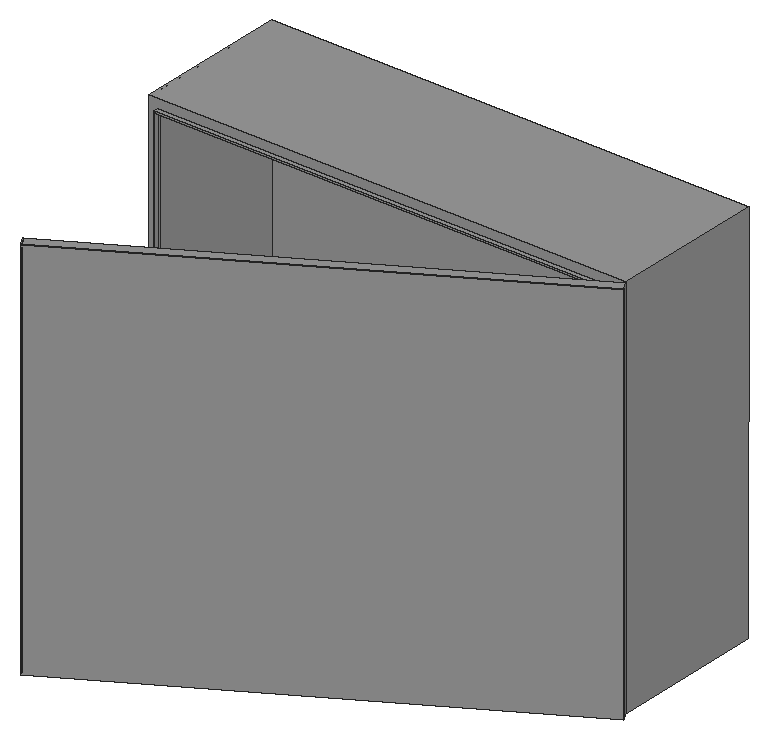
Revit family "Hager-Univers-IP55-D275-H650-Cl.II-Steel_encl-NoHosted-PL-en", category Equipement électrique, Revit 2020
Family settings
  Configuration du panneau = Deux colonnes, circuits au sein
  Cote de connecteur circulaire = Utiliser le diamètre
  Type d'élément = Tableau de raccordement
  Basée sur le plan de construction = Oui
  Toujours verticalement = Oui
  Couper avec des vides une fois chargée = Non
  Partagée = Non
  Point de calcul de pièce = Non
Parameters (values of type "Surface mounted (plaster) IP55 W800 H650 D275  - FR43S")
  Width Control [instance] = if([EF000008 - Width] > Min Width, [EF000008 - Width], Min Width)  # 800 mm
  Commentaires du type = [HG000003 - Range]  # "Univers"
  Thickness Door [instance] = if([EF009171 - Material plate thickness door/cover] > 3 mm, 3 mm, [EF009171 - Material plate thickness door/cover])  # 1.5 mm
  Seal Frame Offset [instance] = 17 mm  # constant formula
  Plinth Visibility [instance] = [HG000027 - Plinth height] > 0 mm  # no
  Min Width [instance] = 100 mm  # constant formula
  Min Depth [instance] = (2 * [EF009170 - Material plate thickness cabinet]) + 1 mm  # 4 mm
  Min Height [instance] = 100 mm  # constant formula
  Internal Frame Depth [instance] = (Door System Depth * 0.5)  # 9 mm
  Panel Name [instance] = ""  # (empty or 0)
  Model = ""
  HG000027 - Plinth height = 0 mm
  HG000026 - Floor standing = no
  HG000024 - Bottom section height = 600 mm
  HG000023 - Double section enclosure = no
  HG000016 - Door 3d visibility [instance] = yes
  HG000015 - Clearance visibility [instance] = no
  HG000014 - Door on the right [instance] = yes
  HG000013 - Door on the left [instance] = not([HG000014 - Door on the right])  # no
  HG000012 - Door swing angle [instance] = 30.00°
  HG000010 - Asymmetric doors = no
  HG000009 - Double swing door = no
  HG000006 - Flush mounted = no
  HG000004 - Manufacturer reference = "FR43S"
  HG000003 - Range = "Univers"
  HG000002 - With door or cover = yes
  Frame Offset Bottom [instance] = 10 mm  # constant formula
  Frame Offset [instance] = 15 mm  # constant formula
  EF015940 - Cover with overpressure release = no
  EF011959 - Degree of protection (NEMA) = ""
  EF009554 - Number of openings for flange plates = 6
  EF009212 - Cover model = "EV000116 - Closed"
  EF009171 - Material plate thickness door/cover = 1.5 mm
  EF009170 - Material plate thickness cabinet = 1.5 mm
  EF008873 - Nominal current (In) = 800 A
  EF007800 - Suitable for lightning protection = no
  EF006306 - With lock = no
  EF006244 - Transparent cover/door = no
  EF005474 - Degree of protection (IP) = "EV006420 - IP55"
  EF004464 - Type of door = "EV002646 - Single"
  EF004427 - Number of modules = 144
  EF004293 - Impact strength = "EV008784 - IK10"
  EF003532 - Suitable for outdoor use = no
  EF002950 - Width in number of modular spacings = 24
  EF001613 - Circuit integrity = "EV000494 - None"
  EF001596 - Material housing = "EV000179 - Steel"
  EF001131 - Internal depth = 275 mm
  EF001088 - Extension possible = yes
  EF000437 - Number of conduit inlets = 6
  EF000339 - Type of cover = "EV004216 - Door"
  EF000266 - Number of rows = 4
  EF000218 - Built-in depth = 0 mm
  EF000118 - With mounting plate = no
  EF000116 - RAL-number = "7035"
  EF000049 - Depth = 275 mm
  EF000040 - Height = 650 mm
  EF000008 - Width = 800 mm
  EF000007 - Colour = "EV000270 - Grey"
  EF000003 - Mounting method = "EV000384 - Surface mounted (plaster)"
  Door System Leaf Tolerance [instance] = 1.5 mm  # constant formula
  Door System Depth [instance] = 18 mm  # constant formula
  Door Height [instance] = Height Control - [HG000027 - Plinth height]  # 650 mm
  Description = ""
  Default Elevation = 1219.2 mm
  Connector Offset [instance] = Height Control / 2  # 325 mm
  Fabricant = "Hager"  # constant formula
  Height Control [instance] = if([EF000040 - Height] > Min Height, [EF000040 - Height], Min Height)  # 650 mm
  Depth Control [instance] = if([EF000049 - Depth] > Min Depth, [EF000049 - Depth], Min Depth)  # 275 mm
  Bottom Top Plate Trim [instance] = 1.5 mm  # constant formula
  Plinth height Ctrl [instance] = if([HG000027 - Plinth height] > 0 mm, [HG000027 - Plinth height], 12 mm)  # 12 mm
Types (5, lengths in mm): name | Width Control | HG000010 - Asymmetric doors | HG000009 - Double swing door | HG000004 - Manufacturer reference | EF009554 - Number of openings for flange plates | EF004464 - Type of door | EF004427 - Number of modules | EF000437 - Number of conduit inlets | EF000008 - Width
  Surface mounted (plaster) IP55 W1050 H650 D275  - FR44S | 1050 | no | yes | "FR44S" | 8 | "EV003602 - Double" | 192 | 8 | 1050
  Surface mounted (plaster) IP55 W1300 H650 D275  - FR45S | 1300 | yes | yes | "FR45S" | 10 | "EV003602 - Double" | 240 | 10 | 1300
  Surface mounted (plaster) IP55 W300 H650 D275  - FR41S | 300 | no | no | "FR41S" | 2 | "EV002646 - Single" | 48 | 2 | 300
  Surface mounted (plaster) IP55 W550 H650 D275  - FR42S | 550 | no | no | "FR42S" | 4 | "EV002646 - Single" | 96 | 4 | 550
  Surface mounted (plaster) IP55 W800 H650 D275  - FR43S | 800 | no | no | "FR43S" | 6 | "EV002646 - Single" | 144 | 6 | 800
Reference planes
  plane 1 "Center (Front/Back)": y = 0
  plane 2: z = 0
  plane 3 "Center (Left/Right)": x = 0
  plane 4: y = 0
  plane 5: y = 0
  plane 6: z = 0
  plane 7: x = -400
  plane 8: x = 400
  plane 9: x = 398.5
  plane 10: x = -398.5
  plane 11: z = 0
  plane 12: z = 1.5
  plane 13: y = -275
  plane 14: y = -1.5
  plane 15: x = 0
  plane 16: y = -257
  plane 17: y = -273.5
  plane 18: y = -255.5
  plane 19: x = -383.5
  plane 20: x = 383.5
  plane 21: z = 11.5
  plane 22: x = -383
  plane 23: x = 383
  plane 24: z = 0
  plane 25: z = 650
  plane 26: z = 650
  plane 27: z = 633.5
  plane 28: z = 648.5
Forms (mm)
  Extrusion 1, solid, material "Hager_Steel_RAL7035_Light_Grey", detail levels medium+fine
    sketch origin (-208.679, -4572, 0) x (-1, 0, 0) y (0, -1, 0)
      loop
        line (191.321, -4315) -> (-608.679, -4315) -> (-608.679, -4572) -> (191.321, -4572) -> (191.321, -4315)
    from 0 to 650
  Extrusion 2, void
    sketch origin (-350.771, -275, 1219.2) x (1, 0, 0) y (0, 0, 1)
      loop
        line (-47.729, -570.7) -> (-47.729, -1217.7) -> (749.271, -1217.7) -> (749.271, -570.7) -> (-47.729, -570.7)
    from -19.5 to -273.5
  Extrusion 3, void
    sketch origin (-290.084, -257, 1219.2) x (1, 0, 0) y (0, 0, 1)
      loop
        line (-93.416, -1207.7) -> (673.584, -1207.7) -> (673.584, -585.7) -> (-93.416, -585.7) -> (-93.416, -1207.7)
    from 0 to -1.5
  Extrusion 4, solid, material "Hager_Steel_RAL7035_Light_Grey", visible <- "Plinth Visibility", detail levels medium+fine
    sketch origin (0, 0, 0) x (1, 0, 0) y (0, 1, 0)
      loop
        line (-400, 0) -> (-400, -257) -> (400, -257) -> (400, 0) -> (-400, 0)
    from 0 to 12 <- "Plinth height Ctrl"
  Extrusion 5, solid, material "Hager_Steel_RAL7035_Light_Grey", detail levels coarse
    sketch origin (0, 0, 0) x (1, 0, 0) y (0, 1, 0)
      loop
        line (-400, 0) -> (-400, -275) -> (400, -275) -> (400, 0) -> (-400, 0)
    from 0 to 650 <- "Height Control"
  Sweep 6, void
    path in 3D
      loop
        line (-400, -257, 12) -> (400, -257, 12) -> (400, 0, 12) -> (-400, 0, 12) -> (-400, -257, 12)
    profile origin (-400, -128.5, 12) x (1, 0, 0) y (0, 0, 1)
      loop
        line (0, 0) -> (0, -1.5) -> (1.5, -1.5)
        arc (1.5, -1.5) -> (1.061, -0.439) -> (0, 0) r 1.5
  Extrusion 7, solid, material "Hager_Steel_RAL7035_Light_Grey", detail levels fine
    sketch origin (-400, -257, 0) x (1, 0, 0) y (0, 0, 1)
      loop
        line (16.5, 11.5) -> (783.5, 11.5) -> (783.5, 633.5) -> (16.5, 633.5) -> (16.5, 11.5)
      loop
        line (15, 10) -> (785, 10) -> (785, 635) -> (15, 635) -> (15, 10)
    from 0 to 9 <- "Internal Frame Depth"
Cuts and joins
  Extrusion 2, Extrusion 3 cuts Extrusion 1
  Sweep 6 cuts Extrusion 4
Lines and regions (mm)
  Masking region 1
    outline origin (0, 0, 0) x (1, 0, 0) y (0, 1, 0)
      loop
        line (-400, 0) -> (-400, -275) -> (400, -275) -> (400, 0) -> (-400, 0)
  Masking region 2, detail levels coarse
    outline origin (-290.084, -257, 1219.2) x (-1, 0, 0) y (0, 0, 1)
      loop
        line (-690.084, -1219.2) -> (109.916, -1219.2) -> (109.916, -569.2) -> (-690.084, -569.2) -> (-690.084, -1219.2)
  Masking region 3, detail levels coarse
    outline origin (0, 0, 0) x (0, 1, 0) y (0, 0, 1)
      loop
        line (0, 0) -> (0, 650) -> (-275, 650) -> (-275, 0) -> (0, 0)
  Masking region 4, visible <- "Plinth Visibility", detail levels medium+fine
    outline origin (0, 0, 0) x (0, 1, 0) y (0, 0, 1)
      loop
        line (-1.5, 12) -> (-255.5, 12)
        arc (-255.5, 12) -> (-255.939, 10.939) -> (-257, 10.5) r 1.5
        line (-257, 10.5) -> (-257, 0) -> (0, 0) -> (0, 10.5)
        arc (0, 10.5) -> (-1.061, 10.939) -> (-1.5, 12) r 1.5
  Masking region 5, detail levels medium+fine
    outline origin (0, 0, 594.038) x (0, 1, 0) y (0, 0, 1)
      loop
        line (0, -594.038) -> (0, 55.962) -> (-257, 55.962) -> (-257, -594.038) -> (0, -594.038)
  Masking region 6, detail levels medium+fine
    outline origin (-359.7, -257, 1211.883) x (-1, 0, 0) y (0, 0, 1)
      loop
        line (-759.7, -1211.883) -> (40.3, -1211.883) -> (40.3, -561.883) -> (-759.7, -561.883) -> (-759.7, -1211.883)
  Masking region 7, visible <- "Plinth Visibility", detail levels medium+fine
    outline origin (-320.334, -257, 1041.368) x (-1, 0, 0) y (0, 0, 1)
      loop
        line (-720.334, -1041.368) -> (79.666, -1041.368) -> (79.666, -1030.868)
        arc (79.666, -1030.868) -> (78.606, -1030.429) -> (78.166, -1029.368) r 1.5
        line (78.166, -1029.368) -> (-718.834, -1029.368)
        arc (-718.834, -1029.368) -> (-719.273, -1030.429) -> (-720.334, -1030.868) r 1.5
        line (-720.334, -1030.868) -> (-720.334, -1041.368)
  sketch lines
    curve 1: line (-400, 0, 12) -> (-400, -257, 12)
    curve 2: line (-400, -257, 12) -> (400, -257, 12)
    curve 3: line (400, 0, 12) -> (-400, 0, 12)
    curve 4: line (400, -257, 12) -> (400, 0, 12)
Dimensions and locks
  locked: plane 1 "Center (Front/Back)" to plane 5
  "EF009170 - Material plate thickness cabinet": plane 7 to plane 10
  "EF009170 - Material plate thickness cabinet": plane 8 to plane 9
  equal spacing: plane 7, plane 3 "Center (Left/Right)", plane 8
  "Width Control": plane 7 to plane 8
  "Depth Control": plane 4 to plane 13
  "EF009170 - Material plate thickness cabinet": plane 4 to plane 14
  "Height Control": plane 25 to level
  "HG000027 - Plinth height": plane 11 to level
  "EF009170 - Material plate thickness cabinet": plane 12 to plane 11
  "EF009170 - Material plate thickness cabinet": plane 17 to plane 13
  "EF009170 - Material plate thickness cabinet": plane 18 to plane 16
  "Frame Offset Bottom": plane 21 to plane 12
  "Frame Offset": plane 10 to plane 19
  "Frame Offset": plane 9 to plane 20
  "Door System Depth": plane 16 to plane 13
  "Seal Frame Offset": plane 7 to plane 22
  "Seal Frame Offset": plane 8 to plane 23
  "EF009170 - Material plate thickness cabinet": plane 26 to plane 28
  "Frame Offset": plane 28 to plane 27
  "Connector Offset": plane 2 to connector elem
  "Bottom Top Plate Trim": profile plane to Sweep 6 sketch curve
  "Bottom Top Plate Trim": Sweep 6 sketch curve to Sweep 6 sketch curve
  "Plinth height Ctrl": Masking region 4 sketch curve to level
  "Plinth height Ctrl": Masking region 7 sketch curve to level
  "Thickness Door": Extrusion 7 sketch curve to Extrusion 7 sketch curve  (x4)
  "Bottom Top Plate Trim": radius of Sweep 6 sketch curve
  "Bottom Top Plate Trim": radius of Masking region 4 sketch curve  (x2)
  "Bottom Top Plate Trim": radius of Masking region 7 sketch curve  (x2)
  aligned and locked: Extrusion 2 sketch curve to plane 12
  aligned and locked: Extrusion 2 sketch curve to plane 9
  aligned and locked: Extrusion 2 sketch curve to plane 10
  aligned and locked: Extrusion 2 to plane 14
  aligned and locked: Extrusion 1 sketch curve to plane 4
  aligned and locked: plane 8 to Extrusion 1 sketch curve
  aligned and locked: plane 7 to Extrusion 1 sketch curve
  aligned and locked: Extrusion 2 to plane 18
  aligned and locked: Extrusion 3 sketch curve to plane 19
  aligned and locked: plane 20 to Extrusion 3 sketch curve
  aligned and locked: Extrusion 3 to Extrusion 2
  aligned and locked: Extrusion 3 sketch curve to plane 21
  aligned and locked: plane 3 "Center (Left/Right)" to nested 1
  aligned and locked: Extrusion 1 sketch curve to plane 16
  aligned and locked: Extrusion 4 sketch curve to cut or joined group of Extrusion 1, Extrusion 2, Extrusion 3
  aligned and locked: Masking region 1 sketch curve to plane 7
  aligned and locked: Masking region 1 sketch curve to plane 5
  aligned and locked: Masking region 1 sketch curve to plane 8
  aligned and locked: Masking region 2 sketch curve to level
  aligned and locked: level to Masking region 3 sketch curve
  aligned and locked: plane 1 "Center (Front/Back)" to Masking region 3 sketch curve
  aligned and locked: plane 13 to Masking region 3 sketch curve
  aligned and locked: plane 5 to Masking region 4 sketch curve
  aligned and locked: Masking region 2 sketch curve to plane 8
  aligned and locked: Masking region 2 sketch curve to plane 7
  aligned and locked: plane 7 to nested 2
  aligned and locked: nested 2 to plane 5
  aligned and locked: plane 5 to Masking region 5 sketch curve
  aligned and locked: plane 26 to Masking region 5 sketch curve
  aligned and locked: Extrusion 5 sketch curve to plane 8
  aligned and locked: Extrusion 5 sketch curve to plane 7
  aligned and locked: Extrusion 5 sketch curve to plane 5
  aligned and locked: Extrusion 3 sketch curve to plane 27
  aligned and locked: Extrusion 2 sketch curve to plane 28
  aligned and locked: Masking region 2 to plane 25
  aligned and locked: Extrusion 4 to plane 16
  aligned and locked: profile plane to Sweep 6 sketch curve
  aligned and locked: Masking region 5 sketch curve to plane 24
  aligned and locked: level to Masking region 4 sketch curve
  aligned and locked: Masking region 1 to plane 13
  aligned and locked: nested 1 to plane 16
  aligned and locked: Masking region 3 to plane 25
  aligned and locked: plane 16 to Masking region 4 sketch curve
  aligned and locked: Masking region 5 sketch curve to plane 16
  aligned and locked: plane 24 to plane 11
  aligned and locked: plane 26 to plane 25
  aligned and locked: plane 26 to cut or joined group of Extrusion 1, Extrusion 2, Extrusion 3
  aligned and locked: nested 1 to plane 24
  aligned and locked: Extrusion 1 to Extrusion 3
  aligned and locked: Masking region 6 sketch curve to plane 8
  aligned and locked: Masking region 6 sketch curve to plane 24
  aligned and locked: Masking region 6 sketch curve to plane 7
  aligned and locked: Masking region 6 sketch curve to plane 26
  aligned and locked: Masking region 7 sketch curve to plane 7
  aligned and locked: level to Masking region 7 sketch curve
  aligned and locked: Masking region 7 sketch curve to plane 8
  aligned and locked: Extrusion 7 sketch curve to cut or joined group of Extrusion 1, Extrusion 2, Extrusion 3  (x4)
Automatic sketch dimensions
  plane 19 to Extrusion 3 sketch curve = 0 mm
  Extrusion 3 sketch curve to plane 20 = 0 mm
  Extrusion 3 sketch curve to plane 21 = 0 mm
  Extrusion 4 sketch curve to plane 7 = 0 mm
  Extrusion 4 sketch curve to plane 8 = 0 mm
  Extrusion 4 sketch curve to plane 16 = 0 mm
  Masking region 1 sketch curve to plane 13 = 0 mm
  Masking region 2 sketch curve to plane 25 = 0 mm
  Masking region 3 sketch curve to plane 25 = 0 mm
  Extrusion 5 sketch curve to plane 13 = 0 mm
  profile plane to Sweep 6 sketch curve = 0 mm
Nested families
  nested 1: "EC000058_Univers_Door" at (0, -257, 0), Double <- "HG000009 - Double swing door", Transparent <- "EF006244 - Transparent cover/door", Angle <- "HG000012 - Door swing angle", Door_Right <- "HG000014 - Door on the right", Assymetrical <- "HG000010 - Asymmetric doors", Door <- "HG000002 - With door or cover", Width_Ctrl <- "Width Control", 3d_Door <- "HG000016 - Door 3d visibility", Clearance <- "HG000015 - Clearance visibility", Door_Left <- "HG000013 - Door on the left", Width <- "Width Control", Door_Depth <- "Door System Depth", Leaf_Tolerance <- "Door System Leaf Tolerance", Height <- "Door Height", Lock_Visibility <- "EF006306 - With lock", Thickness <- "Thickness Door", type "EC000058_Univers_Door", detail levels medium+fine
    with min_wh 4 mm, Width_Ctrl 800 mm, Width 800 mm, Transparent no, Thickness 1.5 mm, Seal_Material Hager_Rubber, Lock_Visibility no, Lock_Material Hager_Plastic_RAL9005_Jet_Black, Leaf_Width 800 mm, Leaf_Tolerance_External_Sides 0 mm, Leaf_Tolerance 1.5 mm, Leaf_Offset 0 mm, Leaf_Height 647 mm, Leaf_2_Width 800 mm, Leaf_2_Offset 400 mm, Leaf_1_Width 800 mm, Leaf_1_Offset 400 mm, Height_Ctrl 650 mm, Height 650 mm, Glass_Material Hager_Glass, Double_Clearance_Ctrl no, Double no, Door_Right_Ctrl yes, Door_Right yes, Door_Material Hager_Steel_RAL7035_Light_Grey, Door_Left_Ctrl no, Door_Left no, Door_Depth 18 mm, Door yes, Clearance_Material Hager_Clearance, Clearance_Depth 800 mm, Clearance_Ctrl no, Clearance no, Assymetrical no, Angle 30.00°, 3d_Door yes
  nested 2: "Hager_Enclosure_Symbol" at (-400, 0, 0), Height <- "Depth Control", Width <- "Width Control", type "Hager_Enclosure_Symbol"
    with Width_Ctrl 800 mm, Width 800 mm, Height_Ctrl 275 mm, Height 275 mm, A_Width_Int 18.047 mm, A_Width 216.562 mm, A_Height_Ctrl 240.625 mm, A_Height 240.625 mm
Connectors
  electrical at (0, 0, 325)
    settings: on plane 1 "Center (Front/Back)", index 1, voltage 0 V, apparent load 0 VA, apparent load phase1 0 VA, apparent load phase2 0 VA, apparent load phase3 0 VA, power factor 1, load classification "Other", number of poles 1, system type 30, power factor state 1, is connector primary yes, connector utility no, sub classification motor no, connector description ""
Definition of nested family "EC000058_Univers_Door"
  Parameters (values of type "EC000058_Univers_Door")
    min_wh [instance] = (2 * Thickness) + 1 mm  # 11 mm
    Width_Ctrl [instance] = 400 mm
    Width [instance] = 500 mm
    Transparent [instance] = yes
    Thickness [instance] = 5 mm
    Seal_Material [instance] = none
    Lock_Visibility [instance] = yes
    Lock_Material [instance] = none
    Leaf_Width [instance] = if((Width_Ctrl - 2 * Leaf_Tolerance_External_Sides) > 0 mm, (Width_Ctrl - 2 * Leaf_Tolerance_External_Sides), min_wh)  # 400 mm
    Leaf_Tolerance_External_Sides [instance] = 0 mm  # constant formula
    Leaf_Tolerance [instance] = 1.5 mm
    Leaf_Offset [instance] = 0 mm  # constant formula
    Leaf_Height [instance] = if((Height_Ctrl - 2 * Leaf_Tolerance) > 0 mm, (Height_Ctrl - 2 * Leaf_Tolerance), min_wh)  # 497 mm
    Leaf_2_Width [instance] = if(and(and(Double, Assymetrical), Door_Left), (Leaf_Width / 3) - (Leaf_Tolerance / 2), if(and(and(Double, Assymetrical), Door_Right), (Leaf_Width / 3) * 2 - (Leaf_Tolerance / 2), if(and(Double, not(Assymetrical)), (Leaf_Width / 2) - Leaf_Tolerance, Leaf_Width)))  # 400 mm
    Leaf_2_Offset [instance] = if(and(Double, Assymetrical), Leaf_2_Width / 2, if(and(Double, not(Assymetrical)), Leaf_Width / 4, Leaf_Width / 2))  # 200 mm
    Leaf_1_Width [instance] = if(and(and(Double, Assymetrical), Door_Right), (Leaf_Width / 3) - (Leaf_Tolerance / 2), if(and(and(Double, Assymetrical), Door_Left), (Width / 3) * 2 - (Leaf_Tolerance / 2), if(and(Double, not(Assymetrical)), (Leaf_Width / 2) - Leaf_Tolerance, Leaf_Width)))  # 400 mm
    Leaf_1_Offset [instance] = if(and(Double, Assymetrical), Leaf_1_Width / 2, if(and(Double, not(Assymetrical)), Leaf_Width / 4, Leaf_Width / 2))  # 200 mm
    Height_Ctrl [instance] = if(Height > min_wh, Height, min_wh)  # 500 mm
    Height [instance] = 500 mm
    Glass_Material [instance] = none
    Double_Clearance_Ctrl [instance] = and(Double, Clearance)  # no
    Double [instance] = no
    Door_Right_Ctrl [instance] = and(or(Door_Right, Double), Door)  # yes
    Door_Right [instance] = yes
    Door_Material [instance] = none
    Door_Left_Ctrl [instance] = and(or(Door_Left, Double), Door)  # no
    Door_Left [instance] = no
    Door_Depth [instance] = 30 mm
    Door [instance] = yes
    Default Elevation = 1219.2 mm
    Clearance_Material [instance] = none
    Clearance_Depth [instance] = if(Leaf_1_Width > Leaf_2_Width, Leaf_1_Width, Leaf_2_Width)  # 400 mm
    Clearance_Ctrl [instance] = and(not(Double), Clearance)  # yes
    Clearance [instance] = yes
    Assymetrical [instance] = yes
    Angle [instance] = 30.00°
    3d_Door [instance] = yes
  Reference planes
    plane 1 "Center (Front/Back)": y = 0
    plane 2 "Bottom": z = 0
    plane 3 "Center (Left/Right)": x = 0
    plane 4: z = 500
    plane 5: x = -200
    plane 6: x = 200
    plane 7: z = 500
    plane 8: x = -200
    plane 9: z = 0
    plane 10: x = 200
    plane 11: y = 0
    plane 12: z = 1.5
    plane 13: x = -600
    plane 14: y = -400
    plane 15: x = 600
    plane 16: x = 0
    plane 17: x = 0
    plane 18: x = -200
    plane 19: x = 200
    plane 20: z = 498.5
  Forms (mm)
    Extrusion 1, solid, material <- "Clearance_Material", visible <- "Double_Clearance_Ctrl"
      sketch origin (1200, 0, 0) x (1, 0, 0) y (0, 0, -1)
        loop
          line (-1800, -498.5) -> (-600, -498.5) -> (-600, 0) -> (-1800, 0) -> (-1800, -498.5)
      from 0 to -400
  Dimensions and locks
    equal spacing: plane 5, plane 3 "Center (Left/Right)", plane 6
    "Width_Ctrl": plane 5 to plane 6
    "Leaf_Offset": plane 5 to plane 8
    "Leaf_Offset": plane 6 to plane 10
    "Leaf_Offset": plane 9 to level
    "Leaf_Offset": plane 4 to plane 7
    "Height_Ctrl": plane 4 to level
    "Leaf_Tolerance": plane 12 to plane 9
    locked: plane 11 to plane 1 "Center (Front/Back)"
    "Leaf_1_Offset": plane 18 to plane 16
    "Leaf_2_Offset": plane 17 to plane 19
    "Leaf_1_Width": plane 13 to plane 8
    "Leaf_2_Width": plane 10 to plane 15
    "Clearance_Depth": plane 14 to plane 1 "Center (Front/Back)"
    "Leaf_Tolerance_External_Sides": plane 8 to plane 18
    "Leaf_Tolerance_External_Sides": plane 19 to plane 10
    "Leaf_Tolerance": plane 7 to plane 20
    aligned and locked: level to plane 2 "Bottom"
    aligned and locked: nested 1 to plane 16
    aligned and locked: nested 2 to plane 17
    aligned and locked: Extrusion 1 to plane 13
    aligned and locked: plane 15 to Extrusion 1
    aligned and locked: Extrusion 1 to plane 14
    aligned and locked: plane 12 to nested 1
    aligned and locked: nested 2 to plane 12
    aligned and locked: Extrusion 1 to plane 11
    aligned and locked: plane 20 to Extrusion 1
    aligned and locked: nested 2 to plane 11
    aligned and locked: nested 1 to plane 11
  Automatic sketch dimensions
    Extrusion 1 sketch curve to level = 0 mm
    plane 5 to Extrusion 1 sketch curve = 400 mm
    plane 6 to Extrusion 1 sketch curve = 400 mm
    Extrusion 1 sketch curve to plane 4 = 1.5 mm
  Nested families
    nested 1: "EC000058_Univers_Door_Leaf" at (0, 0, 1.5), Width <- "Leaf_1_Width", visible <- "Door_Left_Ctrl", Leaf_Height <- "Leaf_Height", Angle <- "Angle", 3d_Door <- "3d_Door", Transparent <- "Transparent", Clearance Material <- "Clearance_Material", Clearance <- "Clearance_Ctrl", Door_Material <- "Door_Material", Glass_Material <- "Glass_Material", Door_Depth <- "Door_Depth", Lock_Material <- "Lock_Material", Seal_Material <- "Seal_Material", Lock_Visibility <- "Lock_Visibility", Thickness <- "Thickness", type "EC000058_Univers_Door_Leaf"
      with Width 400 mm, Transparent_Glass_Offset 30 mm, Transparent_Ctrl yes, Transparent yes, Thickness 5 mm, Standard no, Seal_Material none, Seal_D2 8 mm, Seal_D1 1 mm, Offset_Internal_Frame 10 mm, Lock_Width 20 mm, Lock_Visibility_3d yes, Lock_Visibility yes, Lock_Thickness_3 3 mm, Lock_Thickness_2 1 mm, Lock_Thickness_1 3 mm, Lock_Radius_Offset_2 16 mm, Lock_Radius_Offset_1 15 mm, Lock_Radius_2 5 mm, Lock_Radius 6 mm, Lock_Offset 5 mm, Lock_Material none, Lock_Height 80 mm, Lock_Cover_Top_Offset_2d 17 mm, Lock_Cover_Height -65 mm, Leaf_Height 497 mm, Internal_Seal_Thickness 8 mm, Internal_Seal_Depth_2 4.5 mm, Internal_Frame_Depth 25 mm, Glass_Thickness -1 mm, Glass_Offset -2 mm, Glass_Material none, Door_Material none, Door_Depth 30 mm, Clearance Material none, Clearance yes, Angle_Ctrl 30.00°, Angle 30.00°, 3d_Door yes
    nested 2: "EC000058_Univers_Door_Leaf" at (0, 0, 1.5) x (-1, 0, 0) z (0, 0, 1), Width <- "Leaf_2_Width", visible <- "Door_Right_Ctrl", Leaf_Height <- "Leaf_Height", Angle <- "Angle", 3d_Door <- "3d_Door", Transparent <- "Transparent", Clearance Material <- "Clearance_Material", Clearance <- "Clearance_Ctrl", Door_Material <- "Door_Material", Glass_Material <- "Glass_Material", Door_Depth <- "Door_Depth", Lock_Material <- "Lock_Material", Seal_Material <- "Seal_Material", Lock_Visibility <- "Lock_Visibility", Thickness <- "Thickness", type "EC000058_Univers_Door_Leaf"
      with Width 400 mm, Transparent_Glass_Offset 30 mm, Transparent_Ctrl yes, Transparent yes, Thickness 5 mm, Standard no, Seal_Material none, Seal_D2 8 mm, Seal_D1 1 mm, Offset_Internal_Frame 10 mm, Lock_Width 20 mm, Lock_Visibility_3d yes, Lock_Visibility yes, Lock_Thickness_3 3 mm, Lock_Thickness_2 1 mm, Lock_Thickness_1 3 mm, Lock_Radius_Offset_2 16 mm, Lock_Radius_Offset_1 15 mm, Lock_Radius_2 5 mm, Lock_Radius 6 mm, Lock_Offset 5 mm, Lock_Material none, Lock_Height 80 mm, Lock_Cover_Top_Offset_2d 17 mm, Lock_Cover_Height -65 mm, Leaf_Height 497 mm, Internal_Seal_Thickness 8 mm, Internal_Seal_Depth_2 4.5 mm, Internal_Frame_Depth 25 mm, Glass_Thickness -1 mm, Glass_Offset -2 mm, Glass_Material none, Door_Material none, Door_Depth 30 mm, Clearance Material none, Clearance yes, Angle_Ctrl 30.00°, Angle 30.00°, 3d_Door yes
  Definition of nested family "EC000058_Univers_Door_Leaf"
    Parameters (values of type "EC000058_Univers_Door_Leaf")
      Width [instance] = 2000 mm
      Transparent_Glass_Offset [instance] = 30 mm
      Transparent_Ctrl [instance] = and(Transparent, [3d_Door])  # yes
      Transparent [instance] = yes
      Thickness [instance] = 5 mm
      Standard [instance] = and(not(Transparent), [3d_Door])  # no
      Seal_Material [instance] = none
      Seal_D2 [instance] = 8 mm  # constant formula
      Seal_D1 [instance] = 1 mm  # constant formula
      Offset_Internal_Frame [instance] = 10 mm  # constant formula
      Lock_Width [instance] = 20 mm  # constant formula
      Lock_Visibility_3d [instance] = and(Lock_Visibility, [3d_Door])  # yes
      Lock_Visibility [instance] = yes
      Lock_Thickness_3 [instance] = 3 mm  # constant formula
      Lock_Thickness_2 [instance] = 1 mm  # constant formula
      Lock_Thickness_1 [instance] = 3 mm  # constant formula
      Lock_Radius_Offset_2 [instance] = Lock_Radius_Offset_1 + 1 mm  # 16 mm
      Lock_Radius_Offset_1 [instance] = 15 mm  # constant formula
      Lock_Radius_2 [instance] = Lock_Radius - 1 mm  # 5 mm
      Lock_Radius [instance] = 6 mm  # constant formula
      Lock_Offset [instance] = 5 mm  # constant formula
      Lock_Material [instance] = none
      Lock_Height [instance] = 80 mm  # constant formula
      Lock_Cover_Top_Offset_2d [instance] = Lock_Radius_Offset_2 + 1 mm  # 17 mm
      Lock_Cover_Height [instance] = -(Lock_Height - Lock_Radius_Offset_1)  # -65 mm
      Leaf_Height [instance] = 2720.336 mm
      Internal_Seal_Thickness [instance] = 8 mm  # constant formula
      Internal_Seal_Depth_2 [instance] = 4.5 mm  # constant formula
      Internal_Frame_Depth [instance] = if(Door_Depth - Thickness > 5 mm, Door_Depth - Thickness, 5 mm)  # 25 mm
      Glass_Thickness [instance] = if(Thickness > 15 mm, Glass_Offset + 10 mm, -1 mm)  # -1 mm
      Glass_Offset [instance] = if(Thickness > 15 mm, -(Thickness + 10 mm) / 2, -2 mm)  # -2 mm
      Glass_Material [instance] = none
      Door_Material [instance] = none
      Door_Depth [instance] = 30 mm
      Default Elevation = 0 mm
      Clearance Material [instance] = none
      Clearance [instance] = yes
      Angle_Ctrl [instance] = if(Angle > 180.00°, 180.00°, Angle)  # 90.00°
      Angle [instance] = 90.00°
      3d_Door [instance] = yes
    Reference planes
      plane 1 "Center (Front/Back)": y = 0
      plane 2: z = 0
      plane 3 "Center (Left/Right)": x = 0
      plane 4: y = 2000
      plane 5: x = -1000
      plane 6: x = 1000
      plane 7: x = -3000
      plane 8: z = 2720.336
      plane 9: z = 30
      plane 10: z = 2690.336
      plane 11: x = 970
      plane 12: x = -970
      plane 13: y = -3
      plane 14: z = 107.833
      plane 15: y = -5
      plane 16: y = -223.314
      plane 17: x = -1000
      plane 18: z = 1360.168
      plane 19: y = 30
    Forms (mm)
      Extrusion 1, solid, material <- "Clearance Material", visible <- "Clearance"
        sketch origin (0, 0, 0) x (1, 0, 0) y (0, 0, 1)
          loop
            line (-3000, 2720.336) -> (-3000, 0) -> (1000, 0) -> (1000, 2720.336) -> (-3000, 2720.336)
        from 0 to -2000
      Extrusion 2, solid, material <- "Door_Material", visible <- "Standard", detail levels medium+fine
        sketch origin (-1000, 0, 0) x (0, 1, 0) y (-1, 0, 0)
          loop
            line (0, 30) -> (0, 25) -> (2000, 25) -> (2000, 30) -> (0, 30)
        from 0 to 2720.336 <- "Leaf_Height"
      Extrusion 3, solid, material <- "Door_Material", visible <- "Transparent_Ctrl", detail levels medium+fine
        sketch origin (-1000, 0, 0) x (0, 1, 0) y (-1, 0, 0)
          loop
            line (0, 25) -> (2000, 25) -> (2000, 30) -> (0, 30) -> (0, 25)
        from 0 to 2720.336 <- "Leaf_Height"
      Extrusion 4, void
        sketch origin (-1025, 2000, 0) x (0, 1, 0) y (0, 0, -1)
          loop
            line (-30, -2690.336) -> (-30, -30) -> (-1970, -30) -> (-1970, -2690.336) -> (-30, -2690.336)
        from 0 to 5 <- "Thickness"
      Sweep 5, solid, material <- "Seal_Material", visible <- "Transparent_Ctrl", detail levels fine
        path in 3D
          loop
            line (-1025, 30, 30) -> (-1025, 30, 2690.336) -> (-1025, 1970, 2690.336) -> (-1025, 1970, 30) -> (-1025, 30, 30)
        profile origin (-1025, 1000, 30) x (1, 0, 0) y (0, 0, 1)
          loop
            line (0, 0) -> (0, -8) -> (1, -8) -> (1, 0) -> (0, 0)
      Extrusion 6, solid, material <- "Glass_Material", visible <- "Transparent_Ctrl", detail levels medium+fine
        sketch origin (-1030, 0, 0) x (0, 1, 0) y (0, 0, -1)
          loop
            line (1970, -2690.336) -> (1970, -30) -> (30, -30) -> (30, -2690.336) -> (1970, -2690.336)
        from -2 <- "Glass_Offset" to -1 <- "Glass_Thickness"
      Extrusion 7, solid, material <- "Door_Material", visible <- "3d_Door", detail levels medium+fine
        sketch origin (-1025, 2000, 0) x (0, -1, 0) y (0, 0, -1)
          loop
            line (0, -2720.336) -> (2000, -2720.336) -> (2000, 0) -> (0, 0) -> (0, -2720.336)
          loop
            line (1995, -5) -> (5, -5) -> (5, -2715.336) -> (1995, -2715.336) -> (1995, -5)
        from 0 to 25 <- "Internal_Frame_Depth"
      Sweep 8, solid, material <- "Seal_Material", visible <- "Transparent_Ctrl", detail levels fine
        path in 3D
          loop
            line (-1025, 0, 0) -> (-1025, 2000, 0) -> (-1025, 2000, 2720.336) -> (-1025, 0, 2720.336) -> (-1025, 0, 0)
        profile origin (-1025, 0, 1360.168) x (1, 0, 0) y (0, 1, 0)
          loop
            line (0, 10) -> (2.975, 10)
            arc (2.975, 10) -> (4.053, 10.447) -> (4.5, 11.525) r 1.525
            line (4.5, 11.525) -> (4.5, 16.527)
            arc (4.5, 16.527) -> (4.069, 17.569) -> (3.027, 18) r 1.473
            line (3.027, 18) -> (0, 18) -> (0, 10)
      Extrusion 9, solid, material <- "Lock_Material", visible <- "Lock_Visibility_3d", detail levels fine
        sketch origin (-1030, 0, 0) x (0, 1, 0) y (0, 0, -1)
          loop
            arc (1993.5, -1400.168) -> (1994.561, -1399.729) -> (1995, -1398.668) r 1.5
            line (1995, -1398.668) -> (1995, -1320.168) -> (1975, -1320.168) -> (1975, -1398.668)
            arc (1975, -1398.668) -> (1975.439, -1399.729) -> (1976.5, -1400.168) r 1.5
            line (1976.5, -1400.168) -> (1993.5, -1400.168)
        from 3 <- "Lock_Thickness_1" to 0
      Blend 10, solid, material <- "Lock_Material", visible <- "Lock_Visibility_3d", detail levels fine
        base sketch origin (-1033, 0, 0) x (0, 1, 0) y (0, 0, -1)
          loop
            line (1975, -1320.168) -> (1975, -1398.668)
            arc (1975, -1398.668) -> (1975.439, -1399.729) -> (1976.5, -1400.168) r 1.5
            line (1976.5, -1400.168) -> (1993.5, -1400.168)
            arc (1993.5, -1400.168) -> (1994.561, -1399.729) -> (1995, -1398.668) r 1.5
            line (1995, -1398.668) -> (1995, -1320.168) -> (1975, -1320.168)
        top sketch origin (-1033, 0, 0) x (0, 1, 0) y (0, 0, -1)
          loop
            line (1976, -1320.168) -> (1976, -1398.668)
            arc (1976, -1398.668) -> (1976.146, -1399.022) -> (1976.5, -1399.168) r 0.5
            line (1976.5, -1399.168) -> (1993.5, -1399.168)
            arc (1993.5, -1399.168) -> (1993.854, -1399.022) -> (1994, -1398.668) r 0.5
            line (1994, -1398.668) -> (1994, -1320.168) -> (1976, -1320.168)
        from 0 to 1 <- "Lock_Thickness_2"
      Blend 11, solid, material <- "Lock_Material", visible <- "Lock_Visibility_3d", detail levels fine
        base sketch origin (-1034, 0, 0) x (0, 1, 0) y (0, 0, -1)
          loop
            line (1978, -1320.168) -> (1978, -1384.168)
            arc (1978, -1384.168) -> (1985, -1391.168) -> (1992, -1384.168) r 7
            line (1992, -1384.168) -> (1992, -1320.168) -> (1978, -1320.168)
        top sketch origin (-1034, 0, 0) x (0, 1, 0) y (0, 0, -1)
          loop
            line (1991, -1320.168) -> (1979, -1320.168) -> (1979, -1383.168)
            arc (1979, -1383.168) -> (1985, -1389.168) -> (1991, -1383.168) r 6
            line (1991, -1383.168) -> (1991, -1320.168)
        from 0 to 3 <- "Lock_Thickness_3"
      Extrusion 12, solid, material <- "Lock_Material", visible <- "Lock_Visibility_3d", detail levels fine
        sketch origin (-1030, 1975, 1320.168) x (1, 0, 0) y (0, -1, 0)
          loop
            line (-7, -19) -> (-7, -1) -> (0, -1) -> (0, 0) -> (-8, 0) -> (-8, -20) -> (0, -20) -> (0, -19) -> (-7, -19)
        from 0 to -65 <- "Lock_Cover_Height"
      Extrusion 13, void
        sketch origin (-1038, 1995, 1320.168) x (-1, 0, 0) y (0, 0, -1)
          loop
            line (-5, -65) -> (0, -65) -> (-5, -60) -> (-5, -65)
        from 0 to 20 <- "Lock_Width"
      Extrusion 14, void
        sketch origin (-1038, 1975, 1320.168) x (0, -1, 0) y (0, 0, -1)
          loop
            circle (-10, -15.995) r 6
          loop
            circle (-10, -15.995) r 5
        from 0 to 2
      Extrusion 15, solid, material <- "Lock_Material", visible <- "Lock_Visibility_3d", detail levels medium
        sketch origin (-1030, 0, 0) x (0, 1, 0) y (0, 0, -1)
          loop
            arc (1993.5, -1400.168) -> (1994.561, -1399.729) -> (1995, -1398.668) r 1.5
            line (1995, -1398.668) -> (1995, -1320.168) -> (1975, -1320.168) -> (1975, -1398.668)
            arc (1975, -1398.668) -> (1975.439, -1399.729) -> (1976.5, -1400.168) r 1.5
            line (1976.5, -1400.168) -> (1993.5, -1400.168)
        from 8 to 0
    Cuts and joins
      Extrusion 4 cuts Extrusion 3
      Extrusion 13, Extrusion 14 cuts Extrusion 9
      Extrusion 14 cuts Blend 11
      Extrusion 13, Extrusion 14 cuts Extrusion 12
      joined: Extrusion 9, Blend 10, Blend 11, Extrusion 12
      Extrusion 14 cuts Extrusion 15
    Lines and regions (mm)
      Masking region 1, visible <- "Lock_Visibility", detail levels fine
        outline origin (0, 0, 0) x (0, 1, 0) y (0, 0, 1)
          loop
            line (30, 1320.168) -> (33, 1320.168) -> (33, 1400.168) -> (30, 1400.168) -> (30, 1320.168)
      Masking region 2, visible <- "Lock_Visibility", detail levels fine
        outline origin (0, 3.143, 0) x (0, 1, 0) y (0, 0, 1)
          loop
            line (29.857, 1354.168) -> (30.857, 1354.168) -> (30.857, 1366.168) -> (29.857, 1366.168) -> (29.857, 1354.168)
      Masking region 3, detail levels medium+fine
        outline origin (0, 0, 0) x (0, 1, 0) y (0, 0, 1)
          loop
            line (0, 0) -> (30, 0) -> (30, 2720.336) -> (0, 2720.336) -> (0, 0)
      Masking region 4, detail levels medium+fine
        outline origin (0, 0, 0) x (1, 0, 0) y (0, 0, 1)
          loop
            line (-1000, 2720.336) -> (-1000, 0) -> (1000, 0) -> (1000, 2720.336) -> (-1000, 2720.336)
      Masking region 5, visible <- "Lock_Visibility", detail levels fine
        outline origin (-47.116, 0, 0) x (1, 0, 0) y (0, 0, 1)
          loop
            arc (1024.616, 1399.168) -> (1023.556, 1398.729) -> (1023.116, 1397.668) r 1.5
            line (1023.116, 1397.668) -> (1023.116, 1320.168) -> (1041.116, 1320.168) -> (1041.116, 1397.668)
            arc (1041.116, 1397.668) -> (1040.677, 1398.729) -> (1039.616, 1399.168) r 1.5
            line (1039.616, 1399.168) -> (1024.616, 1399.168)
      Masking region 6, visible <- "Lock_Visibility", detail levels medium+fine
        outline origin (-25, 0, 0) x (1, 0, 0) y (0, 0, 1)
          loop
            arc (1001.5, 1400.168) -> (1000.439, 1399.729) -> (1000, 1398.668) r 1.5
            line (1000, 1398.668) -> (1000, 1320.168) -> (1020, 1320.168) -> (1020, 1398.668)
            arc (1020, 1398.668) -> (1019.561, 1399.729) -> (1018.5, 1400.168) r 1.5
            line (1018.5, 1400.168) -> (1001.5, 1400.168)
      Masking region 7, visible <- "Lock_Visibility", detail levels fine
        outline origin (-73.735, 0, 0) x (1, 0, 0) y (0, 0, 1)
          loop
            line (1051.735, 1382.168) -> (1065.735, 1382.168) -> (1065.735, 1384.168)
            arc (1065.735, 1384.168) -> (1058.735, 1391.168) -> (1051.735, 1384.168) r 7
            line (1051.735, 1384.168) -> (1051.735, 1382.168)
      Masking region 8, visible <- "Lock_Visibility", detail levels fine
        outline origin (-73.735, 0, 0) x (1, 0, 0) y (0, 0, 1)
          loop
            line (1052.735, 1382.168) -> (1064.735, 1382.168) -> (1064.735, 1383.168)
            arc (1064.735, 1383.168) -> (1058.735, 1389.168) -> (1052.735, 1383.168) r 6
            line (1052.735, 1383.168) -> (1052.735, 1382.168)
      Masking region 9, visible <- "Lock_Visibility", detail levels fine
        outline origin (-25, 0, 0) x (1, 0, 0) y (0, 0, 1)
          loop
            line (1020, 1320.168) -> (1020, 1382.168) -> (1000, 1382.168) -> (1000, 1320.168) -> (1020, 1320.168)
      Masking region 10, detail levels medium+fine
        outline origin (0, 0, 0) x (1, 0, 0) y (0, 0, 1)
          loop
            circle (985, 1335.144) r 6
      Masking region 11, detail levels fine
        outline origin (0, 0, 0) x (1, 0, 0) y (0, 0, 1)
          loop
            circle (985, 1335.144) r 5
      Masking region 12, visible <- "Lock_Visibility", detail levels fine
        outline origin (0, 12.767, 0) x (0, 1, 0) y (0, 0, 1)
          loop
            line (20.233, 1320.168) -> (21.233, 1320.168) -> (21.233, 1399.168) -> (20.233, 1400.168) -> (20.233, 1320.168)
      Masking region 13, visible <- "Lock_Visibility", detail levels fine
        outline origin (0, 13.767, -10) x (0, 1, 0) y (0, 0, 1)
          loop
            line (20.233, 1330.168) -> (23.233, 1330.168) -> (23.233, 1399.168) -> (20.233, 1402.168) -> (20.233, 1330.168)
      Masking region 14, visible <- "Lock_Visibility", detail levels fine
        outline origin (0, 12.767, -10) x (0, 1, 0) y (0, 0, 1)
          loop
            line (20.233, 1330.168) -> (25.233, 1330.168) -> (25.233, 1399.305) -> (20.233, 1394.305) -> (20.233, 1330.168)
      Masking region 15, visible <- "Lock_Visibility", detail levels medium
        outline origin (0, 0, 0) x (0, 1, 0) y (0, 0, 1)
          loop
            line (30, 1320.168) -> (38, 1320.168) -> (38, 1400.168) -> (30, 1400.168) -> (30, 1320.168)
      Masking region 16, visible <- "Lock_Visibility", detail levels fine
        outline origin (-1000, 0, 0) x (0, 1, 0) y (-1, 0, 0)
          loop
            line (1975, 30) -> (1995, 30) -> (1995, 38) -> (1975, 38) -> (1975, 30)
          loop
            line (1979, 37) -> (1976, 37) -> (1976, 34) -> (1978, 34) -> (1979, 37)
          loop
            line (1994, 37) -> (1991, 37) -> (1992, 34) -> (1994, 34) -> (1994, 37)
      Masking region 17, visible <- "Lock_Visibility", detail levels medium
        outline origin (-1000, 0, 0) x (0, 1, 0) y (-1, 0, 0)
          loop
            line (1975, 30) -> (1995, 30) -> (1995, 38) -> (1975, 38) -> (1975, 30)
      symbolic lines
        curve 1: line (1000, 0, 0) -> (-3000, 0, 0)
        curve 2: arc (1000, 0, 0) -> (-1000, 2000, 0) -> (-3000, 0, 0) r 2000
        curve 4: line (-1030, 0, 0) -> (-1030, 2000, 0)
      reference lines
        curve 3: line (-1000, 0, 0) -> (-1000, 2000, 0)
      symbolic lines, detail levels medium+fine
        curve 5: line (-1030, 2000, 0) -> (-1025, 2000, 0)
        curve 7: line (-1025, 0, 0) -> (-1030, 0, 0)
        curve 8: line (-1025, 0, 0) -> (-1000, 0, 0)
        curve 9: line (-1000, 0, 0) -> (-1000, 2000, 0)
        curve 10: line (-1000, 2000, 0) -> (-1025, 2000, 0)
      symbolic lines, detail levels fine
        curve 6: line (-1025, 2000, 0) -> (-1025, 0, 0)
      sketch lines
        curve 11: line (-1025, 0, 2720.336) -> (-1025, 0, 0)
        curve 12: line (-1025, 2000, 0) -> (-1025, 0, 0)
        curve 13: line (-1025, 2000, 2720.336) -> (-1025, 2000, 0)
        curve 14: line (-1025, 0, 2720.336) -> (-1025, 2000, 2720.336)
        curve 15: line (-1025, 1970, 30) -> (-1025, 30, 30)
        curve 16: line (-1025, 30, 30) -> (-1025, 30, 2690.336)
        curve 17: line (-1025, 1970, 2690.336) -> (-1025, 1970, 30)
        curve 18: line (-1025, 30, 2690.336) -> (-1025, 1970, 2690.336)
      symbolic lines, visible <- "Transparent", detail levels medium+fine
        curve 19: line (-970, 0, 2690.336) -> (970, 0, 2690.336)
        curve 20: line (-970, 0, 30) -> (-970, 0, 2690.336)
        curve 21: line (970, 0, 30) -> (-970, 0, 30)
        curve 22: line (970, 0, 2690.336) -> (970, 0, 30)
    Dimensions and locks
      "Width": plane 1 "Center (Front/Back)" to plane 4
      equal spacing: plane 5, plane 3 "Center (Left/Right)", plane 6
      "Width": plane 5 to plane 6
      "Width": plane 7 to plane 5
      "Leaf_Height": plane 8 to level
      "Width": curve 5 to curve 3
      "Width": curve 3 to curve 3
      plane 8 to plane 10 = 30 mm
      plane 9 to level = 30 mm
      plane 12 to plane 5 = 30 mm
      plane 6 to plane 11 = 30 mm
      Extrusion 1 to Extrusion 4 sketch curve = 30 mm
      "Transparent_Glass_Offset": curve 3 to Extrusion 4 sketch curve
      "Transparent_Glass_Offset": Extrusion 4 sketch curve to cut or joined group of Extrusion 3, Extrusion 4  (x2)
      cut or joined group of Extrusion 3, Extrusion 4 to Extrusion 6 sketch curve = 30 mm
      "Transparent_Glass_Offset": cut or joined group of Extrusion 3, Extrusion 4 to Extrusion 4 sketch curve
      "Thickness": curve 6 to curve 4
      "Thickness": Extrusion 7 sketch curve to Extrusion 7 sketch curve  (x4)
      "Door_Depth": curve 4 to curve 3
      "Offset_Internal_Frame": profile plane to Sweep 8 sketch curve
      "Internal_Seal_Thickness": Sweep 8 sketch curve to Sweep 8 sketch curve
      "Internal_Seal_Depth_2": profile plane to Sweep 8 sketch curve
      "Seal_D1": profile plane to Sweep 5 sketch curve
      "Seal_D2": profile plane to Sweep 5 sketch curve
      "Thickness": Extrusion 2 sketch curve to Extrusion 2 sketch curve
      equal spacing: Extrusion 9 sketch curve, plane 18, Extrusion 9 sketch curve  (x2)
      equal spacing: Masking region 1 sketch curve, plane 18, Masking region 1 sketch curve
      "Lock_Height": Masking region 1 sketch curve to Masking region 1 sketch curve
      "Lock_Radius": Masking region 2 sketch curve to plane 18 to Masking region 2 sketch curve
      Masking region 2 sketch curve to Masking region 1 = 1 mm
      "Door_Depth": plane 19 to plane 1 "Center (Front/Back)"
      "Lock_Thickness_1": Masking region 1 sketch curve to plane 19
      "Lock_Width": Extrusion 9 sketch curve to Extrusion 9 sketch curve
      "Lock_Height": Extrusion 9 sketch curve to Extrusion 9 sketch curve
      "Lock_Offset": cut or joined group of Extrusion 3, Extrusion 4 to Extrusion 9 sketch curve
      equal spacing: plane 8, plane 18, level
      "Lock_Radius_Offset_1": Blend 11 sketch curve to Blend 10
      locked: Blend 10 to Blend 11 sketch curve at 2  (x2)
      locked: var sketch to Blend 11 sketch curve at 1  (x2)
      "Lock_Radius_Offset_2": Blend 11 sketch curve to Blend 10
      locked: Extrusion 12 sketch curve to Extrusion 12 sketch curve at 1  (x3)
      Masking region 6 sketch curve to Masking region 6 sketch curve = 80 mm
      "Lock_Height": Masking region 6 sketch curve to Masking region 6 sketch curve
      "Lock_Width": Masking region 6 sketch curve to Masking region 6 sketch curve
      locked: Masking region 6 to Masking region 5 sketch curve at 1  (x3)
      locked: Masking region 5 to Masking region 7 sketch curve at 2  (x2)
      "Lock_Radius_Offset_1": Masking region 5 to Masking region 7 sketch curve
      "Lock_Radius_Offset_2": Masking region 5 to Masking region 8 sketch curve
      locked: Masking region 7 to Masking region 8 sketch curve at 1  (x2)
      "Lock_Cover_Top_Offset_2d": Masking region 5 to Masking region 9 sketch curve
      equal spacing: Masking region 9, Masking region 10 sketch curve, Masking region 9
      equal spacing: Masking region 9, Masking region 11 sketch curve, Masking region 9
      Extrusion 15 sketch curve to Extrusion 15 sketch curve = 80 mm
      "Lock_Width": Extrusion 15 sketch curve to Extrusion 15 sketch curve
      "Lock_Height": Extrusion 15 sketch curve to Extrusion 15 sketch curve
      equal spacing: Extrusion 15 sketch curve, plane 18, Extrusion 15 sketch curve
      "Lock_Thickness_3": Masking region 13 sketch curve to Masking region 13 sketch curve
      "Lock_Height": Masking region 12 sketch curve to Masking region 12 sketch curve
      locked: Masking region 13 sketch curve to Masking region 1 at 8
      locked: Masking region 14 sketch curve to Masking region 13 at 1
      locked: Masking region 14 sketch curve to Masking region 1 at 10.863
      "Lock_Height": Masking region 15 sketch curve to Masking region 15 sketch curve
      "Lock_Offset": Extrusion 15 sketch curve to cut or joined group of Extrusion 3, Extrusion 4
      "Lock_Offset": plane 6 to Masking region 6 sketch curve
      radius of Sweep 8 sketch curve = 1.525 mm
      radius of Sweep 8 sketch curve = 1.473 mm
      radius of Extrusion 9 sketch curve = 1.5 mm  (x2)
      "Lock_Radius": radius of Extrusion 14 sketch curve
      "Lock_Radius_2": radius of Extrusion 14 sketch curve
      "Lock_Radius": radius of Masking region 10 sketch curve
      "Lock_Radius_2": radius of Masking region 11 sketch curve
      radius of Extrusion 15 sketch curve = 1.5 mm  (x2)
      "Angle_Ctrl": angle plane 1 "Center (Front/Back)" to curve 3
      locked: Masking region 12 sketch curve to Masking region 12 sketch curve (angle 45.00°)
      locked: Masking region 13 sketch curve to Masking region 13 sketch curve (angle 45.00°)
      locked: Masking region 14 sketch curve to Masking region 14 sketch curve (angle 45.00°)
      aligned and locked: level to plane 2
      aligned and locked: Extrusion 1 to curve 1
      aligned and locked: plane 6 to Extrusion 1
      aligned and locked: Extrusion 1 to plane 1 "Center (Front/Back)"
      aligned and locked: plane 4 to Extrusion 1
      aligned and locked: plane 8 to Extrusion 1
      aligned and locked: curve 7 to Extrusion 2 sketch curve
      aligned and locked: curve 5 to Extrusion 2 sketch curve
      aligned and locked: curve 7 to Extrusion 3 sketch curve
      aligned and locked: Extrusion 3 sketch curve to curve 4
      aligned and locked: Extrusion 3 sketch curve to curve 6
      aligned and locked: Extrusion 3 sketch curve to curve 5
      aligned and locked: curve 9 to curve 3
      aligned and locked: Extrusion 7 sketch curve to cut or joined group of Extrusion 3, Extrusion 4  (x4)
      aligned and locked: plane 17 to curve 3
      aligned and locked: plane 1 "Center (Front/Back)" to curve 3
      aligned and locked: plane 17 to plane 5
      aligned and locked: Sweep 8 sketch curve to profile plane
      aligned and locked: Sweep 5 sketch curve to profile plane  (x2)
      aligned and locked: Masking region 1 to Masking region 2 sketch curve
      aligned and locked: plane 19 to Masking region 1 sketch curve
      aligned and locked: plane 1 "Center (Front/Back)" to Masking region 3 sketch curve
      aligned and locked: plane 19 to Masking region 3 sketch curve
      aligned and locked: level to Masking region 3 sketch curve
      aligned and locked: Masking region 3 sketch curve to plane 8
      aligned and locked: plane 17 to Masking region 4 sketch curve
      aligned and locked: level to Masking region 4 sketch curve
      aligned and locked: Masking region 4 sketch curve to plane 8
      aligned and locked: plane 12 to curve 20
      aligned and locked: plane 10 to curve 19
      aligned and locked: plane 11 to curve 22
      aligned and locked: curve 21 to plane 9
      aligned and locked: Extrusion 2 sketch curve to cut or joined group of Extrusion 3, Extrusion 4
      aligned and locked: Blend 10 sketch curve to Extrusion 9  (x4)
      aligned and locked: Extrusion 9 to Blend 10 sketch curve
      aligned and locked: Blend 10 to Blend 11 sketch curve
      aligned and locked: Extrusion 12 sketch curve to Blend 11
      aligned and locked: Extrusion 12 sketch curve to Extrusion 9  (x4)
      aligned and locked: Masking region 5 sketch curve to Masking region 6
      aligned and locked: Masking region 9 sketch curve to Masking region 6  (x3)
      aligned and locked: Masking region 12 sketch curve to Masking region 1
      aligned and locked: Masking region 13 sketch curve to Masking region 1
      aligned and locked: Masking region 12 to Masking region 14
      aligned and locked: Masking region 14 sketch curve to Masking region 1
      aligned and locked: Masking region 15 sketch curve to Masking region 14
      aligned and locked: Masking region 13 sketch curve to Masking region 12
      aligned and locked: Masking region 16 sketch curve to cut or joined group of Extrusion 14, Extrusion 15  (x4)
      aligned and locked: Masking region 16 sketch curve to cut or joined group of Extrusion 9, Blend 10, Blend 11, Extrusion 12, Extrusion 13, Extrusion 14  (x6)
      aligned and locked: cut or joined group of Extrusion 9, Blend 10, Blend 11, Extrusion 12, Extrusion 13, Extrusion 14 to Masking region 16 sketch curve
      aligned and locked: Masking region 17 sketch curve to cut or joined group of Extrusion 14, Extrusion 15  (x3)
      aligned and locked: Masking region 17 sketch curve to cut or joined group of Extrusion 9, Blend 10, Blend 11, Extrusion 12, Extrusion 13, Extrusion 14
      aligned and locked: Masking region 9 to Masking region 8 sketch curve
      aligned and locked: Masking region 9 to Masking region 7 sketch curve
    Automatic sketch dimensions
      plane 1 "Center (Front/Back)" to curve 2 = 0 mm
      curve 2 to plane 5 = 0 mm
      Extrusion 1 sketch curve to level = 0 mm
      Extrusion 1 sketch curve to plane 7 = 0 mm
      Extrusion 1 sketch curve to plane 6 = 0 mm
      Extrusion 1 sketch curve to plane 8 = 0 mm
      Extrusion 3 to Extrusion 6 sketch curve = 30 mm  (x4)
      Masking region 4 sketch curve to plane 6 = 0 mm
      Blend 10 sketch curve to Extrusion 9 = 1.5 mm
      Blend 10 sketch curve to Extrusion 9 = 1 mm
      Extrusion 13 sketch curve to Extrusion 12 = 0 mm  (x2)
      Extrusion 12 to Extrusion 13 sketch curve = 3 mm
      Extrusion 13 sketch curve to Extrusion 12 = 5 mm
      Extrusion 14 sketch curve to Extrusion 14 sketch curve = 0 mm  (x2)
      Extrusion 14 sketch curve to Extrusion 12 = 10 mm
      Extrusion 14 sketch curve to Extrusion 12 = 15.995 mm
      Masking region 5 sketch curve to Masking region 5 sketch curve = 1.5 mm  (x2)
      Masking region 10 sketch curve to plane 18 = 25.024 mm
      Masking region 11 sketch curve to plane 18 = 25.024 mm
      plane 19 to Masking region 14 sketch curve = 3 mm
      Masking region 16 sketch curve to Masking region 16 sketch curve = 3 mm
      curve 4 to curve 3 = 0 mm
      Blend 10 to Blend 11 sketch curve = 0 mm
      Masking region 6 sketch curve to Masking region 6 sketch curve = 1.5 mm  (x2)
      Masking region 6 sketch curve to plane 18 = 40 mm
      plane 19 to Masking region 12 sketch curve = 3 mm
      Masking region 12 sketch curve to Masking region 12 sketch curve = 1 mm
      Masking region 15 sketch curve to plane 19 = 0 mm
      Masking region 15 sketch curve to plane 18 = 40 mm
      radius of Blend 10 sketch curve to Extrusion 9 = 1 mm
Definition of nested family "Hager_Enclosure_Symbol"
  Parameters (values of type "Hager_Enclosure_Symbol")
    Width_Ctrl [instance] = if(Width > 1 mm, Width, 1 mm)  # 102.27 mm
    Width [instance] = 102.27 mm
    Height_Ctrl [instance] = if(Height > 1 mm, Height, 1 mm)  # 66.5 mm
    A_Width_Int [instance] = if(A_Width / 12 > 2 mm, A_Width / 12, 2 mm)  # 4.364 mm
    A_Width [instance] = if(A_Height_Ctrl * 0.9 > 2 mm, A_Height_Ctrl * 0.9, 2 mm)  # 52.369 mm
    A_Height_Ctrl [instance] = if(A_Height > 2 mm, A_Height, 2 mm)  # 58.188 mm
    Height [instance] = 66.5 mm
    A_Height [instance] = Height - (Height / 8)  # 58.188 mm
  Reference planes
    plane 1 "Centre (avant/arrière)": y = 0
    plane 2: z = 0
    plane 3 "Centre (gauche/droite)": x = 0
    plane 4: x = 52.369
    plane 5: y = 33.042
    plane 6: y = 41.77
    plane 7: y = 66.5
    plane 8: x = 26.184
    plane 9: y = 37.406
    plane 10: x = 102.27
    plane 11: y = 66.5
    plane 12: y = 8.313
  Lines and regions (mm)
    Filled region 1, type "Solid_Black", in view "Niveau de réf."
      outline origin (0, 0, 0) x (1, 0, 0) y (0, 1, 0)
        loop
          line (52.369, 66.5) -> (33.188, 54.536) -> (45.365, 45.006) -> (52.369, 66.5)
    Filled region 2, type "Solid_Black", in view "Niveau de réf."
      outline origin (0, 0, 0) x (1, 0, 0) y (0, 1, 0)
        loop
          line (0, 0) -> (102.27, 0) -> (102.27, 66.5) -> (0, 0)
    detail lines, in view "Niveau de réf."
      curve 1: line (0, 8.313, 0) -> (26.184, 41.77, 0)
      curve 2: line (26.184, 41.77, 0) -> (26.184, 33.042, 0)
      curve 3: line (26.184, 33.042, 0) -> (52.369, 66.5, 0)
  Dimensions and locks
    "A_Width": plane 3 "Centre (gauche/droite)" to plane 4
    equal spacing: plane 3 "Centre (gauche/droite)", plane 8, plane 4
    equal spacing: plane 6, plane 9, plane 5
    equal spacing: curve 3, Filled region 1 sketch curve, Filled region 1 sketch curve
    "Height_Ctrl": plane 1 "Centre (avant/arrière)" to plane 11
    "A_Height_Ctrl": plane 11 to plane 12
    equal spacing: plane 11, plane 9, plane 12
    "A_Width_Int": plane 6 to plane 9
    "Width_Ctrl": plane 3 "Centre (gauche/droite)" to plane 10
    angle Filled region 1 sketch curve to curve 3 = 20.00°
    angle curve 3 to Filled region 1 sketch curve = 20.00°
    locked: curve 3 to Filled region 1 sketch curve (angle 90.00°)
    aligned and locked: plane 10 to Filled region 2
    aligned and locked: plane 11 to Filled region 2 sketch curve
    aligned and locked: plane 10 to Filled region 2 sketch curve
    aligned and locked: plane 3 "Centre (gauche/droite)" to curve 1
    aligned and locked: plane 12 to curve 1
    aligned and locked: plane 7 to plane 11
  Automatic sketch dimensions
    Filled region 1 sketch curve to plane 4 = 0 mm
    Filled region 1 sketch curve to plane 7 = 0 mm
    plane 1 "Centre (avant/arrière)" to Filled region 2 sketch curve = 0 mm
    Filled region 2 sketch curve to plane 3 "Centre (gauche/droite)" = 0 mm
    curve 2 to plane 6 = 0 mm
    curve 2 to plane 8 = 0 mm
    curve 3 to plane 4 = 0 mm
    curve 2 to plane 5 = 0 mm
    curve 3 to plane 7 = 0 mm
